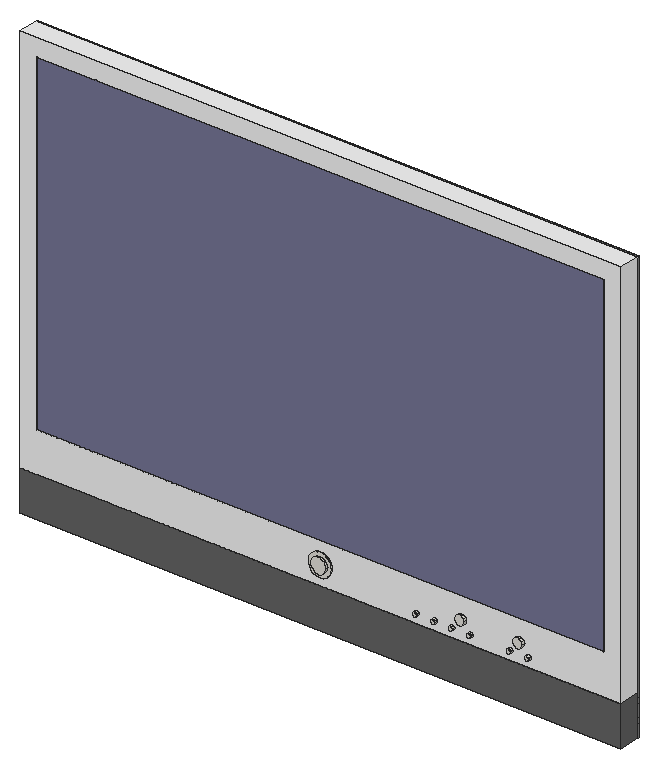
Revit family
Parameters (values of type "KO-M.E General elec pdp SPD-42S4SW W1050*D755*H86")
  Manufacturer = "samsung"
  Model = "SPD-42S4SW"
  support material = gray dark
  scrin material = Stainless Steel, polished 2-3
  frame material = Stainless Steel, polished 2-1
  case material = case
  button material = Chrome, 2
  Assembly Code = ""
Reference planes
  plane 1 "중심(앞/뒤)": y = 0
  plane 2: z = 0
  plane 3 "중심(왼쪽/오른쪽)": x = 0
  plane 4: z = 755
  plane 5: x = -525
  plane 6: x = 525
  plane 7: y = 43
  plane 8: y = -43
Forms (mm)
  Extrusion 1, solid, material "case" <- "case material"
    sketch origin (0, 0, 0) x (1, 0, 0) y (0, 1, 0)
      loop
        line (-523, 43) -> (-523, 41) -> (523, 41) -> (523, 43) -> (-523, 43)
    from 2 to 753
  Extrusion 2, solid, material "gray dark" <- "support material"
    sketch origin (0, 0, 0) x (1, 0, 0) y (0, 0, 1)
      loop
        line (-523, 72) -> (-523, 2) -> (523, 2) -> (523, 72) -> (-523, 72)
    from -41 to -4.501
  Extrusion 3, solid, material "Stainless Steel, polished 2-1" <- "frame material"
    sketch origin (0, 0, 0) x (1, 0, 0) y (0, 0, 1)
      loop
        line (-523, 72) -> (522.97, 72) -> (522.97, 752.97) -> (-523, 752.97) -> (-523, 72)
      loop
        line (-493, 722.97) -> (-493, 142) -> (492.97, 142) -> (492.97, 722.97) -> (-493, 722.97)
    from -41 to -4.501
  Extrusion 4, solid, material "Stainless Steel, polished 2-3" <- "scrin material"
    sketch origin (0, 0, 0) x (1, 0, 0) y (0, 0, 1)
      loop
        line (-493, 722.97) -> (-493, 142) -> (492.97, 142) -> (492.97, 722.97) -> (-493, 722.97)
    from -41 to -4.501
  Extrusion 5, solid, material "Chrome, 2" <- "button material"
    sketch origin (0, 0, 0) x (1, 0, 0) y (0, 0, 1)
      loop
        circle (0, 104.985) r 20
    from -4.501 to -3.326
  Extrusion 6, solid, material "Chrome, 2" <- "button material"
    sketch origin (0, 0, 0) x (1, 0, 0) y (0, 0, 1)
      loop
        circle (0, 104.985) r 13
    from -3.326 to 0
  Extrusion 7, solid, material "Chrome, 2" <- "button material"
    sketch origin (0, 0, 0) x (1, 0, 0) y (0, 0, 1)
      loop
        circle (245.795, 106.263) r 8
      loop
        circle (346.889, 106.263) r 8
    from -4.501 to 0
  Extrusion 8, solid, material "Chrome, 2" <- "button material"
    sketch origin (0, 0, 0) x (1, 0, 0) y (0, 0, 1)
      loop
        circle (229.875, 87.665) r 3.525
      loop
        circle (261.715, 87.665) r 3.525
      loop
        circle (330.969, 87.665) r 3.525
      loop
        circle (362.809, 87.665) r 3.525
      loop
        circle (167.633, 87.665) r 3.525
      loop
        circle (199.473, 87.665) r 3.525
    from -4.501 to 0
Dimensions and locks
  aligned and locked: Extrusion 8 to Extrusion 2
  aligned and locked: plane 1 "중심(앞/뒤)" to Extrusion 8
  aligned and locked: Extrusion 7 to Extrusion 2
  aligned and locked: plane 1 "중심(앞/뒤)" to Extrusion 7
